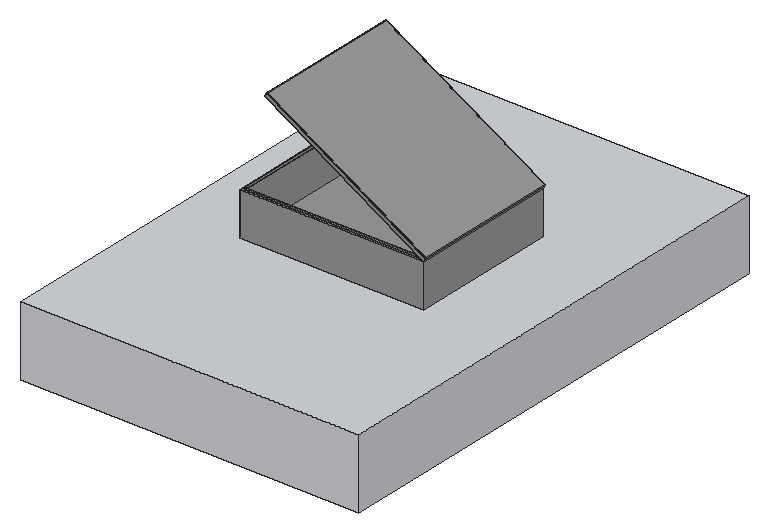
Revit family "Hager-Univers-IP44-D205-H650-Cl.II-Encl-BE-fr", category Equipement électrique, Revit 2020
Family settings
  Hôte = Face
  Configuration du panneau = Deux colonnes, circuits au sein
  Cote de connecteur circulaire = Utiliser le diamètre
  Type d'élément = Tableau de raccordement
  Couper avec des vides une fois chargée = Non
  Partagée = Non
  Point de calcul de pièce = Non
Parameters (values of type "saillie IP44 L800 H650 P205  - FP43QS")
  Width Control [instance] = if([EF000008 - largeur] > Min Width, [EF000008 - largeur], Min Width)  # 800 mm
  Commentaires du type = [HG000003 - Gamme]  # "Univers"
  Thickness Door [instance] = if([EF009171 - épaisseur de matériau de la porte/du couvercle] > 3 mm, 3 mm, [EF009171 - épaisseur de matériau de la porte/du couvercle])  # 1 mm
  Seal Frame Offset [instance] = 17 mm  # constant formula
  Plinth Visibility [instance] = [HG000027 - Hauteur du socle] > 0 mm  # no
  Model = ""
  Min Width [instance] = 100 mm  # constant formula
  Min Height [instance] = 100 mm  # constant formula
  Min Depth [instance] = (2 * [EF009170 - épaisseur de matériau du boîtier]) + 1 mm  # 3 mm
  Internal Frame Depth [instance] = (Door System Depth * 0.5)  # 9 mm
  Height Control [instance] = if([EF000040 - hauteur] > Min Height, [EF000040 - hauteur], Min Height)  # 650 mm
  HG000027 - Hauteur du socle = 0 mm
  HG000026 - Installation au sol = no
  HG000024 - Hauteur de la section basse = 800 mm
  HG000023 - Armoire double section = no
  HG000016 - Visibilité de la porte 3D [instance] = yes
  HG000015 - Visibilité de l'emprise de la porte [instance] = no
  HG000014 - Porte à droite [instance] = yes
  HG000013 - Porte à gauche [instance] = not([HG000014 - Porte à droite])  # no
  HG000012 - Angle de pivotement de la porte [instance] = 30.00°
  HG000010 - Portes asymétriques = no
  HG000009 - Porte à double battant = no
  HG000006 - Encastré = no
  HG000004 - Référence fabricant = "FP43QS"
  HG000003 - Gamme = "Univers"
  HG000002 - avec porte = yes
  Frame Offset Bottom [instance] = 10 mm  # constant formula
  Frame Offset [instance] = 15 mm  # constant formula
  EF015940 - couvercle avec décharge de pression = no
  EF011959 - degré de protection (NEMA) = ""
  EF009554 - nombre d'ouvertures pour plaques à bride = 6
  Fabricant = "Hager"  # constant formula
  EF009212 - finition du couvercle = "EV000116 - fermé"
  EF009171 - épaisseur de matériau de la porte/du couvercle = 1 mm
  EF009170 - épaisseur de matériau du boîtier = 1 mm
  EF008873 - courant nominal (In) = 250 A
  EF007800 - adapté à un parafoudre = no
  EF006306 - avec serrure = no
  EF006244 - couvercle/porte transparent(e) = no
  EF005474 - indice de protection (IP) = "EV006418 - IP44"
  EF004464 - type de porte = "EV002646 - unique"
  EF004427 - nombre de modules = 144
  EF004293 - indice de protection contre les chocs (IK) = "EV006815 - IK09"
  EF003532 - convient pour utilisation à l’extérieur = no
  EF002950 - largeur en nombre de modules = 36
  EF001613 - maintien de fonction = "EV000494 - sans"
  EF001596 - matériau du boîtier/corps = "EV000179 - acier"
  EF001131 - profondeur intérieure = 143 mm
  EF001088 - possibilité de montage en saillie = yes
  EF000437 - nombre d'entrées de conduit = 6
  EF000339 - type de capot = "EV001012 - couvercle"
  EF000266 - nombre de rangées = 4
  EF000218 - profondeur d'encastrement = 0 mm
  EF000118 - avec cadre/support de montage = no
  EF000116 - numéro RAL = "9010"
  EF000049 - profondeur = 205 mm
  EF000040 - hauteur = 650 mm
  EF000008 - largeur = 800 mm
  EF000007 - couleur = "EV000202 - blanc"
  EF000003 - mode de pose = "EV000384 - saillie"
  Door System Leaf Tolerance [instance] = 1.5 mm  # constant formula
  Door System Depth [instance] = 18 mm  # constant formula
  Door Height [instance] = Height Control - [HG000027 - Hauteur du socle]  # 650 mm
  Depth Control [instance] = if([EF000049 - profondeur] > Min Depth, [EF000049 - profondeur], Min Depth)  # 205 mm
  Default Elevation = 0 mm
  Connector Offset [instance] = Height Control / 2  # 325 mm
  Bottom Top Plate Trim [instance] = 1.5 mm  # constant formula
  Plinth height Ctrl [instance] = if([HG000027 - Hauteur du socle] > 0 mm, [HG000027 - Hauteur du socle], 12 mm)  # 12 mm
Types (5, lengths in mm): name | Width Control | HG000009 - Porte à double battant | HG000004 - Référence fabricant | EF009554 - nombre d'ouvertures pour plaques à bride | EF004464 - type de porte | EF004427 - nombre de modules | EF002950 - largeur en nombre de modules | EF000437 - nombre d'entrées de conduit | EF000008 - largeur
  saillie IP44 L1050 H650 P205  - FP44QS | 1050 | yes | "FP44QS" | 8 | "EV003602 - double" | 192 | 48 | 8 | 1050
  saillie IP44 L1300 H650 P205  - FP45QS | 1300 | yes | "FP45QS" | 10 | "EV003602 - double" | 240 | 60 | 10 | 1300
  saillie IP44 L300 H650 P205  - FP41QS | 300 | no | "FP41QS" | 2 | "EV002646 - unique" | 48 | 12 | 2 | 300
  saillie IP44 L550 H650 P205  - FP42QS | 550 | no | "FP42QS" | 4 | "EV002646 - unique" | 96 | 24 | 4 | 550
  saillie IP44 L800 H650 P205  - FP43QS | 800 | no | "FP43QS" | 6 | "EV002646 - unique" | 144 | 36 | 6 | 800
Reference planes
  plane 1 "Center (Front/Back)": y = 0
  plane 2: z = 0
  plane 3 "Center (Left/Right)": x = 0
  plane 4: z = 205
  plane 5: y = 1
  plane 6: y = 325
  plane 7: y = 0
  plane 8: y = 650
  plane 9: z = 0
  plane 10: x = -385
  plane 11: x = 385
  plane 12: x = 384
  plane 13: x = -384
  plane 14: y = 649
  plane 15: x = -383
  plane 16: x = -400
  plane 17: x = 383
  plane 18: x = 400
  plane 19: x = 399
  plane 20: x = -399
  plane 21: y = 11
  plane 22: y = 650
  plane 23: y = 634
  plane 24: z = 187
  plane 25: z = 1
  plane 26: z = 186
  plane 27: z = 204
Forms (mm)
  Extrusion 1, solid
    sketch origin (0, 0, 0) x (1, 0, 0) y (0, 1, 0)
      loop
        line (-702.964, 1305) -> (-702.964, -811.445) -> (766.763, -811.445) -> (766.763, 1305) -> (-702.964, 1305)
    from 0 to -304.8
  Extrusion 2, solid, material "Hager_Steel_RAL7035_Light_Grey", visible <- "Plinth Visibility", detail levels medium+fine
    sketch origin (0, 0, 0) x (1, 0, 0) y (0, 1, 0)
      loop
        line (-400, 0) -> (400, 0) -> (400, 12) -> (-400, 12) -> (-400, 0)
    from 0 to 187
  Extrusion 3, solid, material "Hager_Steel_RAL7035_Light_Grey", detail levels medium+fine
    sketch origin (0, 0, 0) x (1, 0, 0) y (0, 1, 0)
      loop
        line (-400, 0) -> (400, 0) -> (400, 650) -> (-400, 650) -> (-400, 0)
    from 0 to 187
  Extrusion 4, void
    sketch origin (0, 0, 0) x (1, 0, 0) y (0, 1, 0)
      loop
        line (-399, 1) -> (399, 1) -> (399, 649) -> (-399, 649) -> (-399, 1)
    from 1 to 186
  Extrusion 5, void
    sketch origin (-381.607, -4572, 187) x (0, -1, 0) y (-1, 0, 0)
      loop
        line (-4583, 2.393) -> (-5206, 2.393) -> (-5206, -765.607) -> (-4583, -765.607) -> (-4583, 2.393)
    from 0 to 1 <- "EF009170 - épaisseur de matériau du boîtier"
  Extrusion 6, solid, material "Hager_Steel_RAL7035_Light_Grey", detail levels fine
    sketch origin (0, 0, 187) x (1, 0, 0) y (0, 1, 0)
      loop
        line (-384, 634) -> (-384, 11) -> (384, 11) -> (384, 634) -> (-384, 634)
      loop
        line (-385, 10) -> (385, 10) -> (385, 635) -> (-385, 635) -> (-385, 10)
    from 0 to 9 <- "Internal Frame Depth"
  Extrusion 7, solid, material "Hager_Steel_RAL7035_Light_Grey", detail levels coarse
    sketch origin (0, 0, 0) x (1, 0, 0) y (0, 1, 0)
      loop
        line (-400, 0) -> (400, 0) -> (400, 650) -> (-400, 650) -> (-400, 0)
    from 0 to 205
  Sweep 8, void
    path in 3D
      loop
        line (-400, 12, 0) -> (400, 12, 0) -> (400, 12, 187) -> (-400, 12, 187) -> (-400, 12, 0)
    profile origin (-400, 12, 93.5) x (-1, 0, 0) y (0, -1, 0)
      loop
        line (0, 0) -> (0, 1.5) -> (-1.5, 1.5)
        arc (-1.5, 1.5) -> (-1.061, 0.439) -> (0, 0) r 1.5
Cuts and joins
  Extrusion 4, Extrusion 5 cuts Extrusion 3
  Sweep 8 cuts Extrusion 2
Lines and regions (mm)
  Masking region 1
    outline origin (0, 0, 0) x (1, 0, 0) y (0, 0, 1)
      loop
        line (-400, 205) -> (-400, 0) -> (400, 0) -> (400, 205) -> (-400, 205)
  Masking region 2, detail levels medium+fine
    outline origin (0, 140, 0) x (0, 1, 0) y (0, 0, 1)
      loop
        line (-140, 0) -> (510, 0) -> (510, 187) -> (-140, 187) -> (-140, 0)
  Masking region 3, not visible, detail levels medium+fine
    outline origin (0, 297.922, 0) x (0, 1, 0) y (0, 0, 1)
      loop
        line (38.578, 0) -> (78.578, 0) -> (78.578, 194)
        arc (78.578, 194) -> (75.649, 201.071) -> (68.578, 204) r 10
        line (68.578, 204) -> (38.578, 204) -> (38.578, 0)
  Masking region 4, detail levels coarse
    outline origin (0, 0, 180) x (0, 1, 0) y (0, 0, 1)
      loop
        line (0, -180) -> (650, -180) -> (650, 25) -> (0, 25) -> (0, -180)
  Masking region 5, visible <- "Plinth Visibility", detail levels medium+fine
    outline origin (0, 52.24, 12.345) x (0, 0, -1) y (0, 1, 0)
      loop
        line (10.845, -40.24) -> (-173.155, -40.24)
        arc (-173.155, -40.24) -> (-173.594, -41.301) -> (-174.655, -41.74) r 1.5
        line (-174.655, -41.74) -> (-174.655, -52.24) -> (12.345, -52.24) -> (12.345, -41.74)
        arc (12.345, -41.74) -> (11.285, -41.301) -> (10.845, -40.24) r 1.5
  Masking region 6, detail levels medium+fine
    outline origin (-381.607, -4572, 187) x (-1, 0, 0) y (0, -1, 0)
      loop
        line (18.393, -5222) -> (18.393, -4572) -> (-781.607, -4572) -> (-781.607, -5222) -> (18.393, -5222)
  Masking region 7, visible <- "Plinth Visibility", detail levels medium+fine
    outline origin (-381.607, -4727, 187) x (-1, 0, 0) y (0, -1, 0)
      loop
        arc (16.893, -4739) -> (17.332, -4737.939) -> (18.393, -4737.5) r 1.5
        line (18.393, -4737.5) -> (18.393, -4727) -> (-781.607, -4727) -> (-781.607, -4737.5)
        arc (-781.607, -4737.5) -> (-780.546, -4737.939) -> (-780.107, -4739) r 1.5
        line (-780.107, -4739) -> (16.893, -4739)
  Masking region 8, detail levels coarse
    outline origin (-442.548, -4669.526, 187) x (-1, 0, 0) y (0, -1, 0)
      loop
        line (-42.548, -5319.526) -> (-42.548, -4669.526) -> (-842.548, -4669.526) -> (-842.548, -5319.526) -> (-42.548, -5319.526)
  sketch lines
    curve 1: line (-400, 12, 187) -> (-400, 12, 0)
    curve 2: line (400, 12, 187) -> (-400, 12, 187)
    curve 3: line (400, 12, 187) -> (400, 12, 0)
    curve 4: line (-400, 12, 0) -> (400, 12, 0)
Dimensions and locks
  "Depth Control": plane 4 to Extrusion 1
  "HG000027 - Hauteur du socle": plane 1 "Center (Front/Back)" to plane 7
  "EF009170 - épaisseur de matériau du boîtier": plane 5 to plane 7
  locked: connector elem to plane 3 "Center (Left/Right)"
  equal spacing: plane 8, plane 6, plane 7
  locked: connector elem to plane 6
  "EF009170 - épaisseur de matériau du boîtier": plane 8 to plane 14
  "EF009170 - épaisseur de matériau du boîtier": plane 10 to plane 13
  "EF009170 - épaisseur de matériau du boîtier": plane 12 to plane 11
  "Frame Offset": plane 20 to plane 13
  "Frame Offset": plane 12 to plane 19
  "EF009170 - épaisseur de matériau du boîtier": plane 16 to plane 20
  "EF009170 - épaisseur de matériau du boîtier": plane 19 to plane 18
  "Seal Frame Offset": plane 16 to plane 15
  "Seal Frame Offset": plane 17 to plane 18
  "Frame Offset Bottom": plane 21 to plane 5
  "Frame Offset": plane 14 to plane 23
  equal spacing: plane 16, plane 3 "Center (Left/Right)", plane 18
  "Width Control": plane 16 to plane 18
  "EF009170 - épaisseur de matériau du boîtier": plane 4 to plane 27
  "EF009170 - épaisseur de matériau du boîtier": plane 24 to plane 26
  "EF009170 - épaisseur de matériau du boîtier": plane 25 to level
  "Door System Depth": plane 4 to plane 24
  "Height Control": plane 1 "Center (Front/Back)" to Extrusion 7 sketch curve
  "Height Control": Masking region 4 sketch curve to plane 1 "Center (Front/Back)"
  "Height Control": plane 1 "Center (Front/Back)" to plane 22
  "Bottom Top Plate Trim": profile plane to Sweep 8 sketch curve
  "Bottom Top Plate Trim": Sweep 8 sketch curve to profile plane
  "Plinth height Ctrl": plane 1 "Center (Front/Back)" to Extrusion 2 sketch curve
  "Plinth height Ctrl": Masking region 5 sketch curve to plane 1 "Center (Front/Back)"
  "Plinth height Ctrl": plane 1 "Center (Front/Back)" to Masking region 7 sketch curve
  "Thickness Door": Extrusion 6 sketch curve to Extrusion 6 sketch curve  (x3)
  "Thickness Door": cut or joined group of Extrusion 3, Extrusion 4, Extrusion 5 to Extrusion 6 sketch curve
  radius of Masking region 3 sketch curve = 10 mm
  "Bottom Top Plate Trim": radius of Masking region 5 sketch curve  (x2)
  "Bottom Top Plate Trim": radius of Sweep 8 sketch curve
  "Bottom Top Plate Trim": radius of Masking region 7 sketch curve  (x2)
  aligned and locked: plane 2 to Extrusion 1
  aligned and locked: level to Extrusion 1
  aligned and locked: level to Masking region 1 sketch curve
  aligned and locked: Masking region 1 sketch curve to plane 18
  aligned and locked: Masking region 1 sketch curve to plane 16
  aligned and locked: plane 7 to Masking region 2 sketch curve
  aligned and locked: level to Masking region 3 sketch curve
  aligned and locked: Masking region 3 sketch curve to plane 27
  aligned and locked: level to Masking region 2 sketch curve
  aligned and locked: plane 1 "Center (Front/Back)" to Extrusion 2 sketch curve
  aligned and locked: Extrusion 3 sketch curve to plane 7
  aligned and locked: plane 16 to Extrusion 3 sketch curve
  aligned and locked: plane 18 to Extrusion 3 sketch curve
  aligned and locked: plane 20 to Extrusion 4 sketch curve
  aligned and locked: plane 19 to Extrusion 4 sketch curve
  aligned and locked: Extrusion 4 sketch curve to plane 5
  aligned and locked: Extrusion 4 to plane 25
  aligned and locked: plane 26 to Extrusion 4
  aligned and locked: plane 24 to Extrusion 3
  aligned and locked: Extrusion 5 sketch curve to plane 21
  aligned and locked: Extrusion 5 sketch curve to plane 13
  aligned and locked: Extrusion 5 sketch curve to plane 12
  aligned and locked: plane 18 to Extrusion 7 sketch curve
  aligned and locked: plane 1 "Center (Front/Back)" to Extrusion 7 sketch curve
  aligned and locked: plane 16 to Extrusion 7 sketch curve
  aligned and locked: plane 4 to Extrusion 7
  aligned and locked: Extrusion 7 to level
  aligned and locked: level to Masking region 4 sketch curve
  aligned and locked: Masking region 4 sketch curve to plane 1 "Center (Front/Back)"
  aligned and locked: Masking region 4 sketch curve to plane 4
  aligned and locked: nested 1 to level
  aligned and locked: nested 1 to plane 16
  aligned and locked: plane 8 to Extrusion 3 sketch curve
  aligned and locked: plane 23 to Extrusion 5 sketch curve
  aligned and locked: plane 14 to Extrusion 4 sketch curve
  aligned and locked: Masking region 2 sketch curve to plane 8
  aligned and locked: level to Masking region 5 sketch curve
  aligned and locked: plane 16 to Extrusion 2 sketch curve
  aligned and locked: plane 18 to Extrusion 2 sketch curve
  aligned and locked: Masking region 5 sketch curve to plane 24
  aligned and locked: Masking region 2 sketch curve to plane 24
  aligned and locked: plane 24 to Extrusion 2
  aligned and locked: profile plane to Sweep 8 sketch curve  (x2)
  aligned and locked: Masking region 6 sketch curve to plane 18
  aligned and locked: Masking region 6 sketch curve to plane 22
  aligned and locked: Masking region 6 sketch curve to plane 16
  aligned and locked: plane 8 to plane 22
  aligned and locked: Masking region 6 sketch curve to plane 7
  aligned and locked: Masking region 7 sketch curve to plane 16
  aligned and locked: Masking region 7 sketch curve to plane 1 "Center (Front/Back)"
  aligned and locked: Masking region 7 sketch curve to plane 18
  aligned and locked: Masking region 8 sketch curve to plane 1 "Center (Front/Back)"
  aligned and locked: Masking region 8 sketch curve to plane 18
  aligned and locked: Masking region 8 sketch curve to plane 22
  aligned and locked: Masking region 8 sketch curve to plane 16
  aligned and locked: nested 2 to plane 7
  aligned and locked: plane 3 "Center (Left/Right)" to nested 2
  aligned and locked: nested 2 to plane 24
  aligned and locked: Extrusion 6 sketch curve to cut or joined group of Extrusion 3, Extrusion 4, Extrusion 5  (x4)
Automatic sketch dimensions
  Extrusion 1 sketch curve to Extrusion 1 sketch curve = 1469.727 mm
  Extrusion 1 sketch curve to Extrusion 1 sketch curve = 2116.445 mm
  Masking region 1 sketch curve to plane 4 = 0 mm
  plane 6 to Masking region 3 sketch curve = 11.5 mm
  Masking region 3 sketch curve to Masking region 3 sketch curve = 30 mm
  Masking region 5 sketch curve to plane 1 "Center (Front/Back)" = 0 mm
Nested families
  nested 1: "Hager_Enclosure_Symbol" at (-400, 0, 0) x (1, 0, 0) z (0, -1, 0), Height <- "Depth Control", Width <- "Width Control", type "Hager_Enclosure_Symbol"
    with Width_Ctrl 800 mm, Width 800 mm, Height_Ctrl 205 mm, Height 205 mm, A_Width_Int 13.453 mm, A_Width 161.438 mm, A_Height_Ctrl 179.375 mm, A_Height 179.375 mm
  nested 2: "EC000058_Univers_Door" at (0, 0, 187) x (1, 0, 0) z (0, 1, 0), Leaf_Tolerance <- "Door System Leaf Tolerance", Angle <- "HG000012 - Angle de pivotement de la porte", Door_Depth <- "Door System Depth", Door_Left <- "HG000013 - Porte à gauche", Transparent <- "EF006244 - couvercle/porte transparent(e)", Assymetrical <- "HG000010 - Portes asymétriques", Width <- "Width Control", Clearance <- "HG000015 - Visibilité de l'emprise de la porte", Double <- "HG000009 - Porte à double battant", 3d_Door <- "HG000016 - Visibilité de la porte 3D", Lock_Visibility <- "EF006306 - avec serrure", Width_Ctrl <- "Width Control", Door_Right <- "HG000014 - Porte à droite", Door <- "HG000002 - avec porte", Height <- "Door Height", Thickness <- "Thickness Door", type "EC000058_Univers_Door", detail levels medium+fine
    with min_wh 3 mm, Width_Ctrl 800 mm, Width 800 mm, Transparent no, Thickness 1 mm, Seal_Material Hager_Rubber, Lock_Visibility no, Lock_Material Hager_Plastic_RAL9005_Jet_Black, Leaf_Width 800 mm, Leaf_Tolerance_External_Sides 0 mm, Leaf_Tolerance 1.5 mm, Leaf_Offset 0 mm, Leaf_Height 647 mm, Leaf_2_Width 800 mm, Leaf_2_Offset 400 mm, Leaf_1_Width 800 mm, Leaf_1_Offset 400 mm, Height_Ctrl 650 mm, Height 650 mm, Glass_Material Hager_Glass, Double_Clearance_Ctrl no, Double no, Door_Right_Ctrl yes, Door_Right yes, Door_Material Hager_Steel_RAL7035_Light_Grey, Door_Left_Ctrl no, Door_Left no, Door_Depth 18 mm, Door yes, Clearance_Material Hager_Clearance, Clearance_Depth 800 mm, Clearance_Ctrl no, Clearance no, Assymetrical no, Angle 30.00°, 3d_Door yes
Connectors
  electrical at (0, 325, 0)
    settings: on plane 9, index 1, voltage 0 V, apparent load 0 VA, apparent load phase1 0 VA, apparent load phase2 0 VA, apparent load phase3 0 VA, power factor 1, load classification "Other", number of poles 1, system type 30, power factor state 1, is connector primary yes, connector utility no, sub classification motor no, connector description ""
Definition of nested family "EC000058_Univers_Door"
  Parameters (values of type "EC000058_Univers_Door")
    min_wh [instance] = (2 * Thickness) + 1 mm  # 11 mm
    Width_Ctrl [instance] = 400 mm
    Width [instance] = 500 mm
    Transparent [instance] = yes
    Thickness [instance] = 5 mm
    Seal_Material [instance] = none
    Lock_Visibility [instance] = yes
    Lock_Material [instance] = none
    Leaf_Width [instance] = if((Width_Ctrl - 2 * Leaf_Tolerance_External_Sides) > 0 mm, (Width_Ctrl - 2 * Leaf_Tolerance_External_Sides), min_wh)  # 400 mm
    Leaf_Tolerance_External_Sides [instance] = 0 mm  # constant formula
    Leaf_Tolerance [instance] = 1.5 mm
    Leaf_Offset [instance] = 0 mm  # constant formula
    Leaf_Height [instance] = if((Height_Ctrl - 2 * Leaf_Tolerance) > 0 mm, (Height_Ctrl - 2 * Leaf_Tolerance), min_wh)  # 497 mm
    Leaf_2_Width [instance] = if(and(and(Double, Assymetrical), Door_Left), (Leaf_Width / 3) - (Leaf_Tolerance / 2), if(and(and(Double, Assymetrical), Door_Right), (Leaf_Width / 3) * 2 - (Leaf_Tolerance / 2), if(and(Double, not(Assymetrical)), (Leaf_Width / 2) - Leaf_Tolerance, Leaf_Width)))  # 400 mm
    Leaf_2_Offset [instance] = if(and(Double, Assymetrical), Leaf_2_Width / 2, if(and(Double, not(Assymetrical)), Leaf_Width / 4, Leaf_Width / 2))  # 200 mm
    Leaf_1_Width [instance] = if(and(and(Double, Assymetrical), Door_Right), (Leaf_Width / 3) - (Leaf_Tolerance / 2), if(and(and(Double, Assymetrical), Door_Left), (Width / 3) * 2 - (Leaf_Tolerance / 2), if(and(Double, not(Assymetrical)), (Leaf_Width / 2) - Leaf_Tolerance, Leaf_Width)))  # 400 mm
    Leaf_1_Offset [instance] = if(and(Double, Assymetrical), Leaf_1_Width / 2, if(and(Double, not(Assymetrical)), Leaf_Width / 4, Leaf_Width / 2))  # 200 mm
    Height_Ctrl [instance] = if(Height > min_wh, Height, min_wh)  # 500 mm
    Height [instance] = 500 mm
    Glass_Material [instance] = none
    Double_Clearance_Ctrl [instance] = and(Double, Clearance)  # no
    Double [instance] = no
    Door_Right_Ctrl [instance] = and(or(Door_Right, Double), Door)  # yes
    Door_Right [instance] = yes
    Door_Material [instance] = none
    Door_Left_Ctrl [instance] = and(or(Door_Left, Double), Door)  # no
    Door_Left [instance] = no
    Door_Depth [instance] = 30 mm
    Door [instance] = yes
    Default Elevation = 1219.2 mm
    Clearance_Material [instance] = none
    Clearance_Depth [instance] = if(Leaf_1_Width > Leaf_2_Width, Leaf_1_Width, Leaf_2_Width)  # 400 mm
    Clearance_Ctrl [instance] = and(not(Double), Clearance)  # yes
    Clearance [instance] = yes
    Assymetrical [instance] = yes
    Angle [instance] = 30.00°
    3d_Door [instance] = yes
  Reference planes
    plane 1 "Center (Front/Back)": y = 0
    plane 2 "Bottom": z = 0
    plane 3 "Center (Left/Right)": x = 0
    plane 4: z = 500
    plane 5: x = -200
    plane 6: x = 200
    plane 7: z = 500
    plane 8: x = -200
    plane 9: z = 0
    plane 10: x = 200
    plane 11: y = 0
    plane 12: z = 1.5
    plane 13: x = -600
    plane 14: y = -400
    plane 15: x = 600
    plane 16: x = 0
    plane 17: x = 0
    plane 18: x = -200
    plane 19: x = 200
    plane 20: z = 498.5
  Forms (mm)
    Extrusion 1, solid, material <- "Clearance_Material", visible <- "Double_Clearance_Ctrl"
      sketch origin (1200, 0, 0) x (1, 0, 0) y (0, 0, -1)
        loop
          line (-1800, -498.5) -> (-600, -498.5) -> (-600, 0) -> (-1800, 0) -> (-1800, -498.5)
      from 0 to -400
  Dimensions and locks
    equal spacing: plane 5, plane 3 "Center (Left/Right)", plane 6
    "Width_Ctrl": plane 5 to plane 6
    "Leaf_Offset": plane 5 to plane 8
    "Leaf_Offset": plane 6 to plane 10
    "Leaf_Offset": plane 9 to level
    "Leaf_Offset": plane 4 to plane 7
    "Height_Ctrl": plane 4 to level
    "Leaf_Tolerance": plane 12 to plane 9
    locked: plane 11 to plane 1 "Center (Front/Back)"
    "Leaf_1_Offset": plane 18 to plane 16
    "Leaf_2_Offset": plane 17 to plane 19
    "Leaf_1_Width": plane 13 to plane 8
    "Leaf_2_Width": plane 10 to plane 15
    "Clearance_Depth": plane 14 to plane 1 "Center (Front/Back)"
    "Leaf_Tolerance_External_Sides": plane 8 to plane 18
    "Leaf_Tolerance_External_Sides": plane 19 to plane 10
    "Leaf_Tolerance": plane 7 to plane 20
    aligned and locked: level to plane 2 "Bottom"
    aligned and locked: nested 1 to plane 16
    aligned and locked: nested 2 to plane 17
    aligned and locked: Extrusion 1 to plane 13
    aligned and locked: plane 15 to Extrusion 1
    aligned and locked: Extrusion 1 to plane 14
    aligned and locked: plane 12 to nested 1
    aligned and locked: nested 2 to plane 12
    aligned and locked: Extrusion 1 to plane 11
    aligned and locked: plane 20 to Extrusion 1
    aligned and locked: nested 2 to plane 11
    aligned and locked: nested 1 to plane 11
  Automatic sketch dimensions
    Extrusion 1 sketch curve to level = 0 mm
    plane 5 to Extrusion 1 sketch curve = 400 mm
    plane 6 to Extrusion 1 sketch curve = 400 mm
    Extrusion 1 sketch curve to plane 4 = 1.5 mm
  Nested families
    nested 1: "EC000058_Univers_Door_Leaf" at (0, 0, 1.5), Width <- "Leaf_1_Width", visible <- "Door_Left_Ctrl", Leaf_Height <- "Leaf_Height", Angle <- "Angle", 3d_Door <- "3d_Door", Transparent <- "Transparent", Clearance Material <- "Clearance_Material", Clearance <- "Clearance_Ctrl", Door_Material <- "Door_Material", Glass_Material <- "Glass_Material", Door_Depth <- "Door_Depth", Lock_Material <- "Lock_Material", Seal_Material <- "Seal_Material", Lock_Visibility <- "Lock_Visibility", Thickness <- "Thickness", type "EC000058_Univers_Door_Leaf"
      with Width 400 mm, Transparent_Glass_Offset 30 mm, Transparent_Ctrl yes, Transparent yes, Thickness 5 mm, Standard no, Seal_Material none, Seal_D2 8 mm, Seal_D1 1 mm, Offset_Internal_Frame 10 mm, Lock_Width 20 mm, Lock_Visibility_3d yes, Lock_Visibility yes, Lock_Thickness_3 3 mm, Lock_Thickness_2 1 mm, Lock_Thickness_1 3 mm, Lock_Radius_Offset_2 16 mm, Lock_Radius_Offset_1 15 mm, Lock_Radius_2 5 mm, Lock_Radius 6 mm, Lock_Offset 5 mm, Lock_Material none, Lock_Height 80 mm, Lock_Cover_Top_Offset_2d 17 mm, Lock_Cover_Height -65 mm, Leaf_Height 497 mm, Internal_Seal_Thickness 8 mm, Internal_Seal_Depth_2 4.5 mm, Internal_Frame_Depth 25 mm, Glass_Thickness -1 mm, Glass_Offset -2 mm, Glass_Material none, Door_Material none, Door_Depth 30 mm, Clearance Material none, Clearance yes, Angle_Ctrl 30.00°, Angle 30.00°, 3d_Door yes
    nested 2: "EC000058_Univers_Door_Leaf" at (0, 0, 1.5) x (-1, 0, 0) z (0, 0, 1), Width <- "Leaf_2_Width", visible <- "Door_Right_Ctrl", Leaf_Height <- "Leaf_Height", Angle <- "Angle", 3d_Door <- "3d_Door", Transparent <- "Transparent", Clearance Material <- "Clearance_Material", Clearance <- "Clearance_Ctrl", Door_Material <- "Door_Material", Glass_Material <- "Glass_Material", Door_Depth <- "Door_Depth", Lock_Material <- "Lock_Material", Seal_Material <- "Seal_Material", Lock_Visibility <- "Lock_Visibility", Thickness <- "Thickness", type "EC000058_Univers_Door_Leaf"
      with Width 400 mm, Transparent_Glass_Offset 30 mm, Transparent_Ctrl yes, Transparent yes, Thickness 5 mm, Standard no, Seal_Material none, Seal_D2 8 mm, Seal_D1 1 mm, Offset_Internal_Frame 10 mm, Lock_Width 20 mm, Lock_Visibility_3d yes, Lock_Visibility yes, Lock_Thickness_3 3 mm, Lock_Thickness_2 1 mm, Lock_Thickness_1 3 mm, Lock_Radius_Offset_2 16 mm, Lock_Radius_Offset_1 15 mm, Lock_Radius_2 5 mm, Lock_Radius 6 mm, Lock_Offset 5 mm, Lock_Material none, Lock_Height 80 mm, Lock_Cover_Top_Offset_2d 17 mm, Lock_Cover_Height -65 mm, Leaf_Height 497 mm, Internal_Seal_Thickness 8 mm, Internal_Seal_Depth_2 4.5 mm, Internal_Frame_Depth 25 mm, Glass_Thickness -1 mm, Glass_Offset -2 mm, Glass_Material none, Door_Material none, Door_Depth 30 mm, Clearance Material none, Clearance yes, Angle_Ctrl 30.00°, Angle 30.00°, 3d_Door yes
  Definition of nested family "EC000058_Univers_Door_Leaf"
    Parameters (values of type "EC000058_Univers_Door_Leaf")
      Width [instance] = 2000 mm
      Transparent_Glass_Offset [instance] = 30 mm
      Transparent_Ctrl [instance] = and(Transparent, [3d_Door])  # yes
      Transparent [instance] = yes
      Thickness [instance] = 5 mm
      Standard [instance] = and(not(Transparent), [3d_Door])  # no
      Seal_Material [instance] = none
      Seal_D2 [instance] = 8 mm  # constant formula
      Seal_D1 [instance] = 1 mm  # constant formula
      Offset_Internal_Frame [instance] = 10 mm  # constant formula
      Lock_Width [instance] = 20 mm  # constant formula
      Lock_Visibility_3d [instance] = and(Lock_Visibility, [3d_Door])  # yes
      Lock_Visibility [instance] = yes
      Lock_Thickness_3 [instance] = 3 mm  # constant formula
      Lock_Thickness_2 [instance] = 1 mm  # constant formula
      Lock_Thickness_1 [instance] = 3 mm  # constant formula
      Lock_Radius_Offset_2 [instance] = Lock_Radius_Offset_1 + 1 mm  # 16 mm
      Lock_Radius_Offset_1 [instance] = 15 mm  # constant formula
      Lock_Radius_2 [instance] = Lock_Radius - 1 mm  # 5 mm
      Lock_Radius [instance] = 6 mm  # constant formula
      Lock_Offset [instance] = 5 mm  # constant formula
      Lock_Material [instance] = none
      Lock_Height [instance] = 80 mm  # constant formula
      Lock_Cover_Top_Offset_2d [instance] = Lock_Radius_Offset_2 + 1 mm  # 17 mm
      Lock_Cover_Height [instance] = -(Lock_Height - Lock_Radius_Offset_1)  # -65 mm
      Leaf_Height [instance] = 2720.336 mm
      Internal_Seal_Thickness [instance] = 8 mm  # constant formula
      Internal_Seal_Depth_2 [instance] = 4.5 mm  # constant formula
      Internal_Frame_Depth [instance] = if(Door_Depth - Thickness > 5 mm, Door_Depth - Thickness, 5 mm)  # 25 mm
      Glass_Thickness [instance] = if(Thickness > 15 mm, Glass_Offset + 10 mm, -1 mm)  # -1 mm
      Glass_Offset [instance] = if(Thickness > 15 mm, -(Thickness + 10 mm) / 2, -2 mm)  # -2 mm
      Glass_Material [instance] = none
      Door_Material [instance] = none
      Door_Depth [instance] = 30 mm
      Default Elevation = 0 mm
      Clearance Material [instance] = none
      Clearance [instance] = yes
      Angle_Ctrl [instance] = if(Angle > 180.00°, 180.00°, Angle)  # 90.00°
      Angle [instance] = 90.00°
      3d_Door [instance] = yes
    Reference planes
      plane 1 "Center (Front/Back)": y = 0
      plane 2: z = 0
      plane 3 "Center (Left/Right)": x = 0
      plane 4: y = 2000
      plane 5: x = -1000
      plane 6: x = 1000
      plane 7: x = -3000
      plane 8: z = 2720.336
      plane 9: z = 30
      plane 10: z = 2690.336
      plane 11: x = 970
      plane 12: x = -970
      plane 13: y = -3
      plane 14: z = 107.833
      plane 15: y = -5
      plane 16: y = -223.314
      plane 17: x = -1000
      plane 18: z = 1360.168
      plane 19: y = 30
    Forms (mm)
      Extrusion 1, solid, material <- "Clearance Material", visible <- "Clearance"
        sketch origin (0, 0, 0) x (1, 0, 0) y (0, 0, 1)
          loop
            line (-3000, 2720.336) -> (-3000, 0) -> (1000, 0) -> (1000, 2720.336) -> (-3000, 2720.336)
        from 0 to -2000
      Extrusion 2, solid, material <- "Door_Material", visible <- "Standard", detail levels medium+fine
        sketch origin (-1000, 0, 0) x (0, 1, 0) y (-1, 0, 0)
          loop
            line (0, 30) -> (0, 25) -> (2000, 25) -> (2000, 30) -> (0, 30)
        from 0 to 2720.336 <- "Leaf_Height"
      Extrusion 3, solid, material <- "Door_Material", visible <- "Transparent_Ctrl", detail levels medium+fine
        sketch origin (-1000, 0, 0) x (0, 1, 0) y (-1, 0, 0)
          loop
            line (0, 25) -> (2000, 25) -> (2000, 30) -> (0, 30) -> (0, 25)
        from 0 to 2720.336 <- "Leaf_Height"
      Extrusion 4, void
        sketch origin (-1025, 2000, 0) x (0, 1, 0) y (0, 0, -1)
          loop
            line (-30, -2690.336) -> (-30, -30) -> (-1970, -30) -> (-1970, -2690.336) -> (-30, -2690.336)
        from 0 to 5 <- "Thickness"
      Sweep 5, solid, material <- "Seal_Material", visible <- "Transparent_Ctrl", detail levels fine
        path in 3D
          loop
            line (-1025, 30, 30) -> (-1025, 30, 2690.336) -> (-1025, 1970, 2690.336) -> (-1025, 1970, 30) -> (-1025, 30, 30)
        profile origin (-1025, 1000, 30) x (1, 0, 0) y (0, 0, 1)
          loop
            line (0, 0) -> (0, -8) -> (1, -8) -> (1, 0) -> (0, 0)
      Extrusion 6, solid, material <- "Glass_Material", visible <- "Transparent_Ctrl", detail levels medium+fine
        sketch origin (-1030, 0, 0) x (0, 1, 0) y (0, 0, -1)
          loop
            line (1970, -2690.336) -> (1970, -30) -> (30, -30) -> (30, -2690.336) -> (1970, -2690.336)
        from -2 <- "Glass_Offset" to -1 <- "Glass_Thickness"
      Extrusion 7, solid, material <- "Door_Material", visible <- "3d_Door", detail levels medium+fine
        sketch origin (-1025, 2000, 0) x (0, -1, 0) y (0, 0, -1)
          loop
            line (0, -2720.336) -> (2000, -2720.336) -> (2000, 0) -> (0, 0) -> (0, -2720.336)
          loop
            line (1995, -5) -> (5, -5) -> (5, -2715.336) -> (1995, -2715.336) -> (1995, -5)
        from 0 to 25 <- "Internal_Frame_Depth"
      Sweep 8, solid, material <- "Seal_Material", visible <- "Transparent_Ctrl", detail levels fine
        path in 3D
          loop
            line (-1025, 0, 0) -> (-1025, 2000, 0) -> (-1025, 2000, 2720.336) -> (-1025, 0, 2720.336) -> (-1025, 0, 0)
        profile origin (-1025, 0, 1360.168) x (1, 0, 0) y (0, 1, 0)
          loop
            line (0, 10) -> (2.975, 10)
            arc (2.975, 10) -> (4.053, 10.447) -> (4.5, 11.525) r 1.525
            line (4.5, 11.525) -> (4.5, 16.527)
            arc (4.5, 16.527) -> (4.069, 17.569) -> (3.027, 18) r 1.473
            line (3.027, 18) -> (0, 18) -> (0, 10)
      Extrusion 9, solid, material <- "Lock_Material", visible <- "Lock_Visibility_3d", detail levels fine
        sketch origin (-1030, 0, 0) x (0, 1, 0) y (0, 0, -1)
          loop
            arc (1993.5, -1400.168) -> (1994.561, -1399.729) -> (1995, -1398.668) r 1.5
            line (1995, -1398.668) -> (1995, -1320.168) -> (1975, -1320.168) -> (1975, -1398.668)
            arc (1975, -1398.668) -> (1975.439, -1399.729) -> (1976.5, -1400.168) r 1.5
            line (1976.5, -1400.168) -> (1993.5, -1400.168)
        from 3 <- "Lock_Thickness_1" to 0
      Blend 10, solid, material <- "Lock_Material", visible <- "Lock_Visibility_3d", detail levels fine
        base sketch origin (-1033, 0, 0) x (0, 1, 0) y (0, 0, -1)
          loop
            line (1975, -1320.168) -> (1975, -1398.668)
            arc (1975, -1398.668) -> (1975.439, -1399.729) -> (1976.5, -1400.168) r 1.5
            line (1976.5, -1400.168) -> (1993.5, -1400.168)
            arc (1993.5, -1400.168) -> (1994.561, -1399.729) -> (1995, -1398.668) r 1.5
            line (1995, -1398.668) -> (1995, -1320.168) -> (1975, -1320.168)
        top sketch origin (-1033, 0, 0) x (0, 1, 0) y (0, 0, -1)
          loop
            line (1976, -1320.168) -> (1976, -1398.668)
            arc (1976, -1398.668) -> (1976.146, -1399.022) -> (1976.5, -1399.168) r 0.5
            line (1976.5, -1399.168) -> (1993.5, -1399.168)
            arc (1993.5, -1399.168) -> (1993.854, -1399.022) -> (1994, -1398.668) r 0.5
            line (1994, -1398.668) -> (1994, -1320.168) -> (1976, -1320.168)
        from 0 to 1 <- "Lock_Thickness_2"
      Blend 11, solid, material <- "Lock_Material", visible <- "Lock_Visibility_3d", detail levels fine
        base sketch origin (-1034, 0, 0) x (0, 1, 0) y (0, 0, -1)
          loop
            line (1978, -1320.168) -> (1978, -1384.168)
            arc (1978, -1384.168) -> (1985, -1391.168) -> (1992, -1384.168) r 7
            line (1992, -1384.168) -> (1992, -1320.168) -> (1978, -1320.168)
        top sketch origin (-1034, 0, 0) x (0, 1, 0) y (0, 0, -1)
          loop
            line (1991, -1320.168) -> (1979, -1320.168) -> (1979, -1383.168)
            arc (1979, -1383.168) -> (1985, -1389.168) -> (1991, -1383.168) r 6
            line (1991, -1383.168) -> (1991, -1320.168)
        from 0 to 3 <- "Lock_Thickness_3"
      Extrusion 12, solid, material <- "Lock_Material", visible <- "Lock_Visibility_3d", detail levels fine
        sketch origin (-1030, 1975, 1320.168) x (1, 0, 0) y (0, -1, 0)
          loop
            line (-7, -19) -> (-7, -1) -> (0, -1) -> (0, 0) -> (-8, 0) -> (-8, -20) -> (0, -20) -> (0, -19) -> (-7, -19)
        from 0 to -65 <- "Lock_Cover_Height"
      Extrusion 13, void
        sketch origin (-1038, 1995, 1320.168) x (-1, 0, 0) y (0, 0, -1)
          loop
            line (-5, -65) -> (0, -65) -> (-5, -60) -> (-5, -65)
        from 0 to 20 <- "Lock_Width"
      Extrusion 14, void
        sketch origin (-1038, 1975, 1320.168) x (0, -1, 0) y (0, 0, -1)
          loop
            circle (-10, -15.995) r 6
          loop
            circle (-10, -15.995) r 5
        from 0 to 2
      Extrusion 15, solid, material <- "Lock_Material", visible <- "Lock_Visibility_3d", detail levels medium
        sketch origin (-1030, 0, 0) x (0, 1, 0) y (0, 0, -1)
          loop
            arc (1993.5, -1400.168) -> (1994.561, -1399.729) -> (1995, -1398.668) r 1.5
            line (1995, -1398.668) -> (1995, -1320.168) -> (1975, -1320.168) -> (1975, -1398.668)
            arc (1975, -1398.668) -> (1975.439, -1399.729) -> (1976.5, -1400.168) r 1.5
            line (1976.5, -1400.168) -> (1993.5, -1400.168)
        from 8 to 0
    Cuts and joins
      Extrusion 4 cuts Extrusion 3
      Extrusion 13, Extrusion 14 cuts Extrusion 9
      Extrusion 14 cuts Blend 11
      Extrusion 13, Extrusion 14 cuts Extrusion 12
      joined: Extrusion 9, Blend 10, Blend 11, Extrusion 12
      Extrusion 14 cuts Extrusion 15
    Lines and regions (mm)
      Masking region 1, visible <- "Lock_Visibility", detail levels fine
        outline origin (0, 0, 0) x (0, 1, 0) y (0, 0, 1)
          loop
            line (30, 1320.168) -> (33, 1320.168) -> (33, 1400.168) -> (30, 1400.168) -> (30, 1320.168)
      Masking region 2, visible <- "Lock_Visibility", detail levels fine
        outline origin (0, 3.143, 0) x (0, 1, 0) y (0, 0, 1)
          loop
            line (29.857, 1354.168) -> (30.857, 1354.168) -> (30.857, 1366.168) -> (29.857, 1366.168) -> (29.857, 1354.168)
      Masking region 3, detail levels medium+fine
        outline origin (0, 0, 0) x (0, 1, 0) y (0, 0, 1)
          loop
            line (0, 0) -> (30, 0) -> (30, 2720.336) -> (0, 2720.336) -> (0, 0)
      Masking region 4, detail levels medium+fine
        outline origin (0, 0, 0) x (1, 0, 0) y (0, 0, 1)
          loop
            line (-1000, 2720.336) -> (-1000, 0) -> (1000, 0) -> (1000, 2720.336) -> (-1000, 2720.336)
      Masking region 5, visible <- "Lock_Visibility", detail levels fine
        outline origin (-47.116, 0, 0) x (1, 0, 0) y (0, 0, 1)
          loop
            arc (1024.616, 1399.168) -> (1023.556, 1398.729) -> (1023.116, 1397.668) r 1.5
            line (1023.116, 1397.668) -> (1023.116, 1320.168) -> (1041.116, 1320.168) -> (1041.116, 1397.668)
            arc (1041.116, 1397.668) -> (1040.677, 1398.729) -> (1039.616, 1399.168) r 1.5
            line (1039.616, 1399.168) -> (1024.616, 1399.168)
      Masking region 6, visible <- "Lock_Visibility", detail levels medium+fine
        outline origin (-25, 0, 0) x (1, 0, 0) y (0, 0, 1)
          loop
            arc (1001.5, 1400.168) -> (1000.439, 1399.729) -> (1000, 1398.668) r 1.5
            line (1000, 1398.668) -> (1000, 1320.168) -> (1020, 1320.168) -> (1020, 1398.668)
            arc (1020, 1398.668) -> (1019.561, 1399.729) -> (1018.5, 1400.168) r 1.5
            line (1018.5, 1400.168) -> (1001.5, 1400.168)
      Masking region 7, visible <- "Lock_Visibility", detail levels fine
        outline origin (-73.735, 0, 0) x (1, 0, 0) y (0, 0, 1)
          loop
            line (1051.735, 1382.168) -> (1065.735, 1382.168) -> (1065.735, 1384.168)
            arc (1065.735, 1384.168) -> (1058.735, 1391.168) -> (1051.735, 1384.168) r 7
            line (1051.735, 1384.168) -> (1051.735, 1382.168)
      Masking region 8, visible <- "Lock_Visibility", detail levels fine
        outline origin (-73.735, 0, 0) x (1, 0, 0) y (0, 0, 1)
          loop
            line (1052.735, 1382.168) -> (1064.735, 1382.168) -> (1064.735, 1383.168)
            arc (1064.735, 1383.168) -> (1058.735, 1389.168) -> (1052.735, 1383.168) r 6
            line (1052.735, 1383.168) -> (1052.735, 1382.168)
      Masking region 9, visible <- "Lock_Visibility", detail levels fine
        outline origin (-25, 0, 0) x (1, 0, 0) y (0, 0, 1)
          loop
            line (1020, 1320.168) -> (1020, 1382.168) -> (1000, 1382.168) -> (1000, 1320.168) -> (1020, 1320.168)
      Masking region 10, detail levels medium+fine
        outline origin (0, 0, 0) x (1, 0, 0) y (0, 0, 1)
          loop
            circle (985, 1335.144) r 6
      Masking region 11, detail levels fine
        outline origin (0, 0, 0) x (1, 0, 0) y (0, 0, 1)
          loop
            circle (985, 1335.144) r 5
      Masking region 12, visible <- "Lock_Visibility", detail levels fine
        outline origin (0, 12.767, 0) x (0, 1, 0) y (0, 0, 1)
          loop
            line (20.233, 1320.168) -> (21.233, 1320.168) -> (21.233, 1399.168) -> (20.233, 1400.168) -> (20.233, 1320.168)
      Masking region 13, visible <- "Lock_Visibility", detail levels fine
        outline origin (0, 13.767, -10) x (0, 1, 0) y (0, 0, 1)
          loop
            line (20.233, 1330.168) -> (23.233, 1330.168) -> (23.233, 1399.168) -> (20.233, 1402.168) -> (20.233, 1330.168)
      Masking region 14, visible <- "Lock_Visibility", detail levels fine
        outline origin (0, 12.767, -10) x (0, 1, 0) y (0, 0, 1)
          loop
            line (20.233, 1330.168) -> (25.233, 1330.168) -> (25.233, 1399.305) -> (20.233, 1394.305) -> (20.233, 1330.168)
      Masking region 15, visible <- "Lock_Visibility", detail levels medium
        outline origin (0, 0, 0) x (0, 1, 0) y (0, 0, 1)
          loop
            line (30, 1320.168) -> (38, 1320.168) -> (38, 1400.168) -> (30, 1400.168) -> (30, 1320.168)
      Masking region 16, visible <- "Lock_Visibility", detail levels fine
        outline origin (-1000, 0, 0) x (0, 1, 0) y (-1, 0, 0)
          loop
            line (1975, 30) -> (1995, 30) -> (1995, 38) -> (1975, 38) -> (1975, 30)
          loop
            line (1979, 37) -> (1976, 37) -> (1976, 34) -> (1978, 34) -> (1979, 37)
          loop
            line (1994, 37) -> (1991, 37) -> (1992, 34) -> (1994, 34) -> (1994, 37)
      Masking region 17, visible <- "Lock_Visibility", detail levels medium
        outline origin (-1000, 0, 0) x (0, 1, 0) y (-1, 0, 0)
          loop
            line (1975, 30) -> (1995, 30) -> (1995, 38) -> (1975, 38) -> (1975, 30)
      symbolic lines
        curve 1: line (1000, 0, 0) -> (-3000, 0, 0)
        curve 2: arc (1000, 0, 0) -> (-1000, 2000, 0) -> (-3000, 0, 0) r 2000
        curve 4: line (-1030, 0, 0) -> (-1030, 2000, 0)
      reference lines
        curve 3: line (-1000, 0, 0) -> (-1000, 2000, 0)
      symbolic lines, detail levels medium+fine
        curve 5: line (-1030, 2000, 0) -> (-1025, 2000, 0)
        curve 7: line (-1025, 0, 0) -> (-1030, 0, 0)
        curve 8: line (-1025, 0, 0) -> (-1000, 0, 0)
        curve 9: line (-1000, 0, 0) -> (-1000, 2000, 0)
        curve 10: line (-1000, 2000, 0) -> (-1025, 2000, 0)
      symbolic lines, detail levels fine
        curve 6: line (-1025, 2000, 0) -> (-1025, 0, 0)
      sketch lines
        curve 11: line (-1025, 0, 2720.336) -> (-1025, 0, 0)
        curve 12: line (-1025, 2000, 0) -> (-1025, 0, 0)
        curve 13: line (-1025, 2000, 2720.336) -> (-1025, 2000, 0)
        curve 14: line (-1025, 0, 2720.336) -> (-1025, 2000, 2720.336)
        curve 15: line (-1025, 1970, 30) -> (-1025, 30, 30)
        curve 16: line (-1025, 30, 30) -> (-1025, 30, 2690.336)
        curve 17: line (-1025, 1970, 2690.336) -> (-1025, 1970, 30)
        curve 18: line (-1025, 30, 2690.336) -> (-1025, 1970, 2690.336)
      symbolic lines, visible <- "Transparent", detail levels medium+fine
        curve 19: line (-970, 0, 2690.336) -> (970, 0, 2690.336)
        curve 20: line (-970, 0, 30) -> (-970, 0, 2690.336)
        curve 21: line (970, 0, 30) -> (-970, 0, 30)
        curve 22: line (970, 0, 2690.336) -> (970, 0, 30)
    Dimensions and locks
      "Width": plane 1 "Center (Front/Back)" to plane 4
      equal spacing: plane 5, plane 3 "Center (Left/Right)", plane 6
      "Width": plane 5 to plane 6
      "Width": plane 7 to plane 5
      "Leaf_Height": plane 8 to level
      "Width": curve 5 to curve 3
      "Width": curve 3 to curve 3
      plane 8 to plane 10 = 30 mm
      plane 9 to level = 30 mm
      plane 12 to plane 5 = 30 mm
      plane 6 to plane 11 = 30 mm
      Extrusion 1 to Extrusion 4 sketch curve = 30 mm
      "Transparent_Glass_Offset": curve 3 to Extrusion 4 sketch curve
      "Transparent_Glass_Offset": Extrusion 4 sketch curve to cut or joined group of Extrusion 3, Extrusion 4  (x2)
      cut or joined group of Extrusion 3, Extrusion 4 to Extrusion 6 sketch curve = 30 mm
      "Transparent_Glass_Offset": cut or joined group of Extrusion 3, Extrusion 4 to Extrusion 4 sketch curve
      "Thickness": curve 6 to curve 4
      "Thickness": Extrusion 7 sketch curve to Extrusion 7 sketch curve  (x4)
      "Door_Depth": curve 4 to curve 3
      "Offset_Internal_Frame": profile plane to Sweep 8 sketch curve
      "Internal_Seal_Thickness": Sweep 8 sketch curve to Sweep 8 sketch curve
      "Internal_Seal_Depth_2": profile plane to Sweep 8 sketch curve
      "Seal_D1": profile plane to Sweep 5 sketch curve
      "Seal_D2": profile plane to Sweep 5 sketch curve
      "Thickness": Extrusion 2 sketch curve to Extrusion 2 sketch curve
      equal spacing: Extrusion 9 sketch curve, plane 18, Extrusion 9 sketch curve  (x2)
      equal spacing: Masking region 1 sketch curve, plane 18, Masking region 1 sketch curve
      "Lock_Height": Masking region 1 sketch curve to Masking region 1 sketch curve
      "Lock_Radius": Masking region 2 sketch curve to plane 18 to Masking region 2 sketch curve
      Masking region 2 sketch curve to Masking region 1 = 1 mm
      "Door_Depth": plane 19 to plane 1 "Center (Front/Back)"
      "Lock_Thickness_1": Masking region 1 sketch curve to plane 19
      "Lock_Width": Extrusion 9 sketch curve to Extrusion 9 sketch curve
      "Lock_Height": Extrusion 9 sketch curve to Extrusion 9 sketch curve
      "Lock_Offset": cut or joined group of Extrusion 3, Extrusion 4 to Extrusion 9 sketch curve
      equal spacing: plane 8, plane 18, level
      "Lock_Radius_Offset_1": Blend 11 sketch curve to Blend 10
      locked: Blend 10 to Blend 11 sketch curve at 2  (x2)
      locked: var sketch to Blend 11 sketch curve at 1  (x2)
      "Lock_Radius_Offset_2": Blend 11 sketch curve to Blend 10
      locked: Extrusion 12 sketch curve to Extrusion 12 sketch curve at 1  (x3)
      Masking region 6 sketch curve to Masking region 6 sketch curve = 80 mm
      "Lock_Height": Masking region 6 sketch curve to Masking region 6 sketch curve
      "Lock_Width": Masking region 6 sketch curve to Masking region 6 sketch curve
      locked: Masking region 6 to Masking region 5 sketch curve at 1  (x3)
      locked: Masking region 5 to Masking region 7 sketch curve at 2  (x2)
      "Lock_Radius_Offset_1": Masking region 5 to Masking region 7 sketch curve
      "Lock_Radius_Offset_2": Masking region 5 to Masking region 8 sketch curve
      locked: Masking region 7 to Masking region 8 sketch curve at 1  (x2)
      "Lock_Cover_Top_Offset_2d": Masking region 5 to Masking region 9 sketch curve
      equal spacing: Masking region 9, Masking region 10 sketch curve, Masking region 9
      equal spacing: Masking region 9, Masking region 11 sketch curve, Masking region 9
      Extrusion 15 sketch curve to Extrusion 15 sketch curve = 80 mm
      "Lock_Width": Extrusion 15 sketch curve to Extrusion 15 sketch curve
      "Lock_Height": Extrusion 15 sketch curve to Extrusion 15 sketch curve
      equal spacing: Extrusion 15 sketch curve, plane 18, Extrusion 15 sketch curve
      "Lock_Thickness_3": Masking region 13 sketch curve to Masking region 13 sketch curve
      "Lock_Height": Masking region 12 sketch curve to Masking region 12 sketch curve
      locked: Masking region 13 sketch curve to Masking region 1 at 8
      locked: Masking region 14 sketch curve to Masking region 13 at 1
      locked: Masking region 14 sketch curve to Masking region 1 at 10.863
      "Lock_Height": Masking region 15 sketch curve to Masking region 15 sketch curve
      "Lock_Offset": Extrusion 15 sketch curve to cut or joined group of Extrusion 3, Extrusion 4
      "Lock_Offset": plane 6 to Masking region 6 sketch curve
      radius of Sweep 8 sketch curve = 1.525 mm
      radius of Sweep 8 sketch curve = 1.473 mm
      radius of Extrusion 9 sketch curve = 1.5 mm  (x2)
      "Lock_Radius": radius of Extrusion 14 sketch curve
      "Lock_Radius_2": radius of Extrusion 14 sketch curve
      "Lock_Radius": radius of Masking region 10 sketch curve
      "Lock_Radius_2": radius of Masking region 11 sketch curve
      radius of Extrusion 15 sketch curve = 1.5 mm  (x2)
      "Angle_Ctrl": angle plane 1 "Center (Front/Back)" to curve 3
      locked: Masking region 12 sketch curve to Masking region 12 sketch curve (angle 45.00°)
      locked: Masking region 13 sketch curve to Masking region 13 sketch curve (angle 45.00°)
      locked: Masking region 14 sketch curve to Masking region 14 sketch curve (angle 45.00°)
      aligned and locked: level to plane 2
      aligned and locked: Extrusion 1 to curve 1
      aligned and locked: plane 6 to Extrusion 1
      aligned and locked: Extrusion 1 to plane 1 "Center (Front/Back)"
      aligned and locked: plane 4 to Extrusion 1
      aligned and locked: plane 8 to Extrusion 1
      aligned and locked: curve 7 to Extrusion 2 sketch curve
      aligned and locked: curve 5 to Extrusion 2 sketch curve
      aligned and locked: curve 7 to Extrusion 3 sketch curve
      aligned and locked: Extrusion 3 sketch curve to curve 4
      aligned and locked: Extrusion 3 sketch curve to curve 6
      aligned and locked: Extrusion 3 sketch curve to curve 5
      aligned and locked: curve 9 to curve 3
      aligned and locked: Extrusion 7 sketch curve to cut or joined group of Extrusion 3, Extrusion 4  (x4)
      aligned and locked: plane 17 to curve 3
      aligned and locked: plane 1 "Center (Front/Back)" to curve 3
      aligned and locked: plane 17 to plane 5
      aligned and locked: Sweep 8 sketch curve to profile plane
      aligned and locked: Sweep 5 sketch curve to profile plane  (x2)
      aligned and locked: Masking region 1 to Masking region 2 sketch curve
      aligned and locked: plane 19 to Masking region 1 sketch curve
      aligned and locked: plane 1 "Center (Front/Back)" to Masking region 3 sketch curve
      aligned and locked: plane 19 to Masking region 3 sketch curve
      aligned and locked: level to Masking region 3 sketch curve
      aligned and locked: Masking region 3 sketch curve to plane 8
      aligned and locked: plane 17 to Masking region 4 sketch curve
      aligned and locked: level to Masking region 4 sketch curve
      aligned and locked: Masking region 4 sketch curve to plane 8
      aligned and locked: plane 12 to curve 20
      aligned and locked: plane 10 to curve 19
      aligned and locked: plane 11 to curve 22
      aligned and locked: curve 21 to plane 9
      aligned and locked: Extrusion 2 sketch curve to cut or joined group of Extrusion 3, Extrusion 4
      aligned and locked: Blend 10 sketch curve to Extrusion 9  (x4)
      aligned and locked: Extrusion 9 to Blend 10 sketch curve
      aligned and locked: Blend 10 to Blend 11 sketch curve
      aligned and locked: Extrusion 12 sketch curve to Blend 11
      aligned and locked: Extrusion 12 sketch curve to Extrusion 9  (x4)
      aligned and locked: Masking region 5 sketch curve to Masking region 6
      aligned and locked: Masking region 9 sketch curve to Masking region 6  (x3)
      aligned and locked: Masking region 12 sketch curve to Masking region 1
      aligned and locked: Masking region 13 sketch curve to Masking region 1
      aligned and locked: Masking region 12 to Masking region 14
      aligned and locked: Masking region 14 sketch curve to Masking region 1
      aligned and locked: Masking region 15 sketch curve to Masking region 14
      aligned and locked: Masking region 13 sketch curve to Masking region 12
      aligned and locked: Masking region 16 sketch curve to cut or joined group of Extrusion 14, Extrusion 15  (x4)
      aligned and locked: Masking region 16 sketch curve to cut or joined group of Extrusion 9, Blend 10, Blend 11, Extrusion 12, Extrusion 13, Extrusion 14  (x6)
      aligned and locked: cut or joined group of Extrusion 9, Blend 10, Blend 11, Extrusion 12, Extrusion 13, Extrusion 14 to Masking region 16 sketch curve
      aligned and locked: Masking region 17 sketch curve to cut or joined group of Extrusion 14, Extrusion 15  (x3)
      aligned and locked: Masking region 17 sketch curve to cut or joined group of Extrusion 9, Blend 10, Blend 11, Extrusion 12, Extrusion 13, Extrusion 14
      aligned and locked: Masking region 9 to Masking region 8 sketch curve
      aligned and locked: Masking region 9 to Masking region 7 sketch curve
    Automatic sketch dimensions
      plane 1 "Center (Front/Back)" to curve 2 = 0 mm
      curve 2 to plane 5 = 0 mm
      Extrusion 1 sketch curve to level = 0 mm
      Extrusion 1 sketch curve to plane 7 = 0 mm
      Extrusion 1 sketch curve to plane 6 = 0 mm
      Extrusion 1 sketch curve to plane 8 = 0 mm
      Extrusion 3 to Extrusion 6 sketch curve = 30 mm  (x4)
      Masking region 4 sketch curve to plane 6 = 0 mm
      Blend 10 sketch curve to Extrusion 9 = 1.5 mm
      Blend 10 sketch curve to Extrusion 9 = 1 mm
      Extrusion 13 sketch curve to Extrusion 12 = 0 mm  (x2)
      Extrusion 12 to Extrusion 13 sketch curve = 3 mm
      Extrusion 13 sketch curve to Extrusion 12 = 5 mm
      Extrusion 14 sketch curve to Extrusion 14 sketch curve = 0 mm  (x2)
      Extrusion 14 sketch curve to Extrusion 12 = 10 mm
      Extrusion 14 sketch curve to Extrusion 12 = 15.995 mm
      Masking region 5 sketch curve to Masking region 5 sketch curve = 1.5 mm  (x2)
      Masking region 10 sketch curve to plane 18 = 25.024 mm
      Masking region 11 sketch curve to plane 18 = 25.024 mm
      plane 19 to Masking region 14 sketch curve = 3 mm
      Masking region 16 sketch curve to Masking region 16 sketch curve = 3 mm
      curve 4 to curve 3 = 0 mm
      Blend 10 to Blend 11 sketch curve = 0 mm
      Masking region 6 sketch curve to Masking region 6 sketch curve = 1.5 mm  (x2)
      Masking region 6 sketch curve to plane 18 = 40 mm
      plane 19 to Masking region 12 sketch curve = 3 mm
      Masking region 12 sketch curve to Masking region 12 sketch curve = 1 mm
      Masking region 15 sketch curve to plane 19 = 0 mm
      Masking region 15 sketch curve to plane 18 = 40 mm
      radius of Blend 10 sketch curve to Extrusion 9 = 1 mm
Definition of nested family "Hager_Enclosure_Symbol"
  Parameters (values of type "Hager_Enclosure_Symbol")
    Width_Ctrl [instance] = if(Width > 1 mm, Width, 1 mm)  # 102.27 mm
    Width [instance] = 102.27 mm
    Height_Ctrl [instance] = if(Height > 1 mm, Height, 1 mm)  # 66.5 mm
    A_Width_Int [instance] = if(A_Width / 12 > 2 mm, A_Width / 12, 2 mm)  # 4.364 mm
    A_Width [instance] = if(A_Height_Ctrl * 0.9 > 2 mm, A_Height_Ctrl * 0.9, 2 mm)  # 52.369 mm
    A_Height_Ctrl [instance] = if(A_Height > 2 mm, A_Height, 2 mm)  # 58.188 mm
    Height [instance] = 66.5 mm
    A_Height [instance] = Height - (Height / 8)  # 58.188 mm
  Reference planes
    plane 1 "Centre (avant/arrière)": y = 0
    plane 2: z = 0
    plane 3 "Centre (gauche/droite)": x = 0
    plane 4: x = 52.369
    plane 5: y = 33.042
    plane 6: y = 41.77
    plane 7: y = 66.5
    plane 8: x = 26.184
    plane 9: y = 37.406
    plane 10: x = 102.27
    plane 11: y = 66.5
    plane 12: y = 8.313
  Lines and regions (mm)
    Filled region 1, type "Solid_Black", in view "Niveau de réf."
      outline origin (0, 0, 0) x (1, 0, 0) y (0, 1, 0)
        loop
          line (52.369, 66.5) -> (33.188, 54.536) -> (45.365, 45.006) -> (52.369, 66.5)
    Filled region 2, type "Solid_Black", in view "Niveau de réf."
      outline origin (0, 0, 0) x (1, 0, 0) y (0, 1, 0)
        loop
          line (0, 0) -> (102.27, 0) -> (102.27, 66.5) -> (0, 0)
    detail lines, in view "Niveau de réf."
      curve 1: line (0, 8.313, 0) -> (26.184, 41.77, 0)
      curve 2: line (26.184, 41.77, 0) -> (26.184, 33.042, 0)
      curve 3: line (26.184, 33.042, 0) -> (52.369, 66.5, 0)
  Dimensions and locks
    "A_Width": plane 3 "Centre (gauche/droite)" to plane 4
    equal spacing: plane 3 "Centre (gauche/droite)", plane 8, plane 4
    equal spacing: plane 6, plane 9, plane 5
    equal spacing: curve 3, Filled region 1 sketch curve, Filled region 1 sketch curve
    "Height_Ctrl": plane 1 "Centre (avant/arrière)" to plane 11
    "A_Height_Ctrl": plane 11 to plane 12
    equal spacing: plane 11, plane 9, plane 12
    "A_Width_Int": plane 6 to plane 9
    "Width_Ctrl": plane 3 "Centre (gauche/droite)" to plane 10
    angle Filled region 1 sketch curve to curve 3 = 20.00°
    angle curve 3 to Filled region 1 sketch curve = 20.00°
    locked: curve 3 to Filled region 1 sketch curve (angle 90.00°)
    aligned and locked: plane 10 to Filled region 2
    aligned and locked: plane 11 to Filled region 2 sketch curve
    aligned and locked: plane 10 to Filled region 2 sketch curve
    aligned and locked: plane 3 "Centre (gauche/droite)" to curve 1
    aligned and locked: plane 12 to curve 1
    aligned and locked: plane 7 to plane 11
  Automatic sketch dimensions
    Filled region 1 sketch curve to plane 4 = 0 mm
    Filled region 1 sketch curve to plane 7 = 0 mm
    plane 1 "Centre (avant/arrière)" to Filled region 2 sketch curve = 0 mm
    Filled region 2 sketch curve to plane 3 "Centre (gauche/droite)" = 0 mm
    curve 2 to plane 6 = 0 mm
    curve 2 to plane 8 = 0 mm
    curve 3 to plane 4 = 0 mm
    curve 2 to plane 5 = 0 mm
    curve 3 to plane 7 = 0 mm
